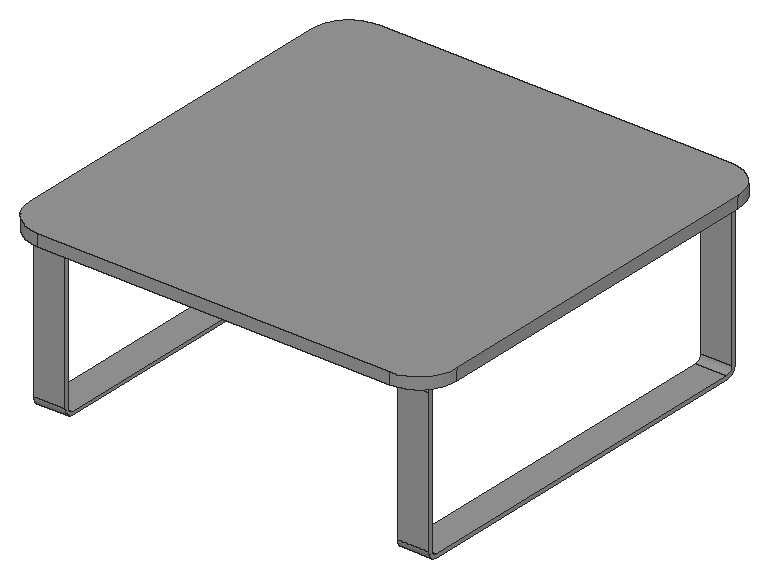
Revit family "NST066S", category Furniture, Revit 2019
Family settings
  OmniClass Number = 23.40.20.00
  OmniClass Title = General Furniture and Specialties
  Work Plane-Based = No
  Always vertical = Yes
  Cut with Voids When Loaded = No
  Shared = No
  Room Calculation Point = No
Parameters
  Width = 680 mm
  URL = "www.gof.co.uk"
  Top = Gresham - NORDIC ASH
  Range = "SEATING"
  Product Data Specification = ""
  Product Code = "NST066S"
  Product Brochure = "https://gof.co.uk/wp-content/uploads/2018/03/Take-Off-Lite-Brochure.pdf"
  Model = "TAKE OFF LITE"
  Manufacturer = "Gresham Office Furniture"  # constant formula
Reference planes
  plane 1 "Center (Front/Back)": y = -54.5
  plane 2: z = 0
  plane 3 "Center (Left/Right)": x = 0
  plane 4 "Right Inner": x = 340
  plane 5 "Left Inner": x = -340
  plane 6: y = 285.5
  plane 7: y = -394.5
  plane 8 "Seat Height": z = 460
  plane 9: z = 180
  plane 10: z = 275
Forms (mm)
  Extrusion 1, solid, material "Gresham - NORDIC ASH" <- "Top"
    sketch origin (0, 0, 257) x (0, 1, 0) y (-1, 0, 0)
      loop
        arc (285.5, 280) -> (267.926, 322.426) -> (225.5, 340) r 60
        line (225.5, 340) -> (-334.5, 340)
        arc (-334.5, 340) -> (-376.926, 322.426) -> (-394.5, 280) r 60
        line (-394.5, 280) -> (-394.5, -280)
        arc (-394.5, -280) -> (-376.926, -322.426) -> (-334.5, -340) r 60
        line (-334.5, -340) -> (225.5, -340)
        arc (225.5, -340) -> (267.926, -322.426) -> (285.5, -280) r 60
        line (285.5, -280) -> (285.5, 280)
    from 0 to 18
Dimensions and locks
  equal spacing: plane 5 "Left Inner", plane 3 "Center (Left/Right)", plane 4 "Right Inner"
  "Width": plane 5 "Left Inner" to plane 4 "Right Inner"
  equal spacing: plane 6, plane 1 "Center (Front/Back)", plane 7
  locked: plane 6 to plane 7 at 680
  plane 8 "Seat Height" to plane 2 = 460 mm
  plane 8 "Seat Height" to plane 9 to level = 280 mm locked, 180 mm locked
  plane 10 to level = 275 mm
  locked: nested 1 to plane 4 "Right Inner" at 25
  locked: plane 5 "Left Inner" to nested 2 at 25
  aligned and locked: level to plane 2
Automatic sketch dimensions
  Extrusion 1 sketch curve to plane 7 = 0 mm
  Extrusion 1 sketch curve to plane 5 "Left Inner" = 0 mm
  Extrusion 1 sketch curve to plane 4 "Right Inner" = 0 mm
  Extrusion 1 sketch curve to plane 6 = 0 mm
  plane 7 to Extrusion 1 sketch curve = 60 mm
  Extrusion 1 sketch curve to Extrusion 1 sketch curve = 60 mm  (x2)
  Extrusion 1 sketch curve to plane 6 = 60 mm
Nested families
  nested 1: "Table Skid Frame" at (40, -137.5, 0), type "Table Skid Frame"
  nested 2: "Table Skid Frame" at (-40, -137.5, 0) x (-1, 0, 0) z (0, 0, 1), type "Table Skid Frame"
Definition of nested family "Table Skid Frame"
  Parameters (values of type "Table Skid Frame")
    Width = 600 mm
    URL = "www.gof.co.uk"
    Range = "TAKE OFF LITE"
    Product Code = ""
    Manufacturer = "Gresham Office Funiture"  # constant formula
    Frame = none
  Reference planes
    plane 1 "Center (Front/Back)": y = 83
    plane 2: z = 0
    plane 3 "Center (Left/Right)": x = 0
    plane 4: x = -300
    plane 5: x = 300
    plane 6: y = 398
    plane 7: y = -232
    plane 8: z = 275
  Forms (mm)
    Extrusion 1, solid, material <- "Frame"
      sketch origin (820, 334.886, 702) x (0, -1, 0) y (0, 0, 1)
        loop
          line (556.886, -687) -> (556.886, -460)
          arc (556.886, -460) -> (552.493, -449.393) -> (541.886, -445) r 15
          line (541.886, -445) -> (434.886, -445) -> (434.886, -450) -> (541.886, -450)
          arc (541.886, -450) -> (548.957, -452.929) -> (551.886, -460) r 10
          line (551.886, -460) -> (551.886, -687)
          arc (551.886, -687) -> (548.957, -694.071) -> (541.886, -697) r 10
          line (541.886, -697) -> (-38.114, -697)
          arc (-38.114, -697) -> (-45.185, -694.071) -> (-48.114, -687) r 10
          line (-48.114, -687) -> (-48.114, -460)
          arc (-48.114, -460) -> (-45.185, -452.929) -> (-38.114, -450) r 10
          line (-38.114, -450) -> (68.886, -450) -> (68.886, -445) -> (-38.114, -445)
          arc (-38.114, -445) -> (-48.721, -449.393) -> (-53.114, -460) r 15
          line (-53.114, -460) -> (-53.114, -687)
          arc (-53.114, -687) -> (-48.721, -697.607) -> (-38.114, -702) r 15
          line (-38.114, -702) -> (541.886, -702)
          arc (541.886, -702) -> (552.493, -697.607) -> (556.886, -687) r 15
      from 545 to 595
  Dimensions and locks
    "Width": plane 4 to plane 5
    locked: plane 6 to plane 7 at 630
    equal spacing: plane 4, plane 3 "Center (Left/Right)", plane 5
    locked: Extrusion 1 sketch curve to Extrusion 1 sketch curve at 5  (x2)
    locked: Extrusion 1 to plane 5 at 25
    equal spacing: plane 6, plane 1 "Center (Front/Back)", plane 7
    plane 6 to plane 7 = 630 mm
    plane 6 to Extrusion 1 = 10 mm
    locked: Extrusion 1 to plane 7 at 10
    locked: Extrusion 1 sketch curve to plane 7 at 10
    locked: plane 6 to Extrusion 1 sketch curve at 10
    locked: Extrusion 1 to Extrusion 1 at 50
    Extrusion 1 sketch curve to Extrusion 1 sketch curve = 122 mm  (x2)
    Extrusion 1 sketch curve to Extrusion 1 sketch curve = 5 mm  (x2)
    plane 8 to level = 275 mm  (x2)
    aligned and locked: level to plane 2
  Automatic sketch dimensions
    Extrusion 1 sketch curve to Extrusion 1 sketch curve = 0 mm  (x8)
    Extrusion 1 sketch curve to level = 0 mm
    Extrusion 1 sketch curve to Extrusion 1 sketch curve = 10 mm  (x4)
    Extrusion 1 sketch curve to plane 8 = 33 mm  (x2)
